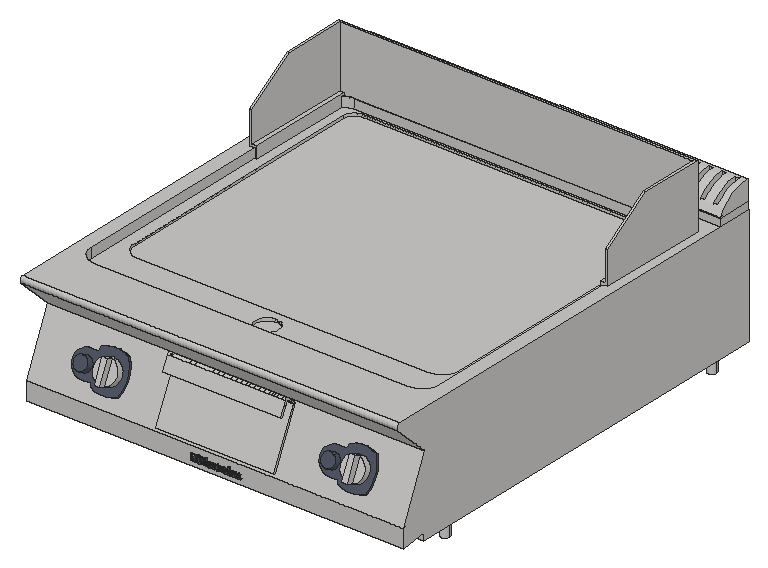
Revit family "QF_ELECTROLUXPROFESSIONAL_391591_E9IIMTAOMEI", category Attrezzature speciali, Revit 2018
Family settings
  Quota connettore circolare = Usa diametro
  Tipo di parte = Normale
  Basato su piano di lavoro = No
  Sempre verticale = Sì
  Taglio con vuoti quando caricato = No
  Condiviso = No
  Punto di calcolo locali = No
Parameters (values of type "Standard")
  Weight = 105.00 kg
  Watts = 0 W
  Volts = 0 V
  URL Manufacturer = "https://www.electroluxprofessional.com/"
  URL = "https://www.electroluxprofessional.com/"
  Steam Supply Size = 0"
  Steam Supply Minimum Pressure = 0.00 psi
  Steam Supply Maximum Pressure = 0.00 psi
  Steam Consumption per Hour = 0
  Show Logo [instance] = yes
  Show Clearance [instance] = yes
  Refrigeration Suction Line Size = 0 mm
  Refrigeration Liquid Line Size = 0 mm
  Refrigerant Compressor Remote = yes
  Phase = 0
  Modello = "E9IIMTAOMEI"
  Produttore = "Electrolux Professional"
  Length Actual = 800 mm  # constant formula
  Item Number = "391591"
  Hot Water Size = 0"
  Height Actual = 250 mm  # constant formula
  HP = "0 HP"
  Gas Size = 1/2"
  Gas KW = 20
  Gas Input Pressure = 0.672036 Btu/h
  Direct Waste Size = 0"
  Descrizione = "GAS FRY TOP SMOOTH+RIBBED SLOPED PLATE.800MM-BRUSHED CHROME - QMARK"
  Depth Actual = 930 mm  # constant formula
  Cycle = 0 Hz
  Condensate Return Size = 0"
  Compressed Air Volume = 0 GPM
  Compressed Air Size = 0"
  Compressed Air Pressure = 0.00 psi
  Cold Water Size = 0"
  Base Height [instance] = 24 mm  # constant formula
  Accessory = yes
Values of the unnamed type that differ from the named types
  Weight = 0.00 kg
  URL Manufacturer = ""
  Item Number = ""
  HP = ""
  Gas KW = 0
  Gas Input Pressure = 0.0 Btu/h
Reference planes
  plane 1 "BACK": y = 0
  plane 2: z = 0
  plane 3 "LEFT": x = 0
  plane 4 "RIGHT": x = 800
  plane 5 "FRONT": y = -930
  plane 6 "TOP": z = 410
  plane 7 "Center Y": x = 400
  plane 8 "Center X": y = -465
  plane 9 "BASE": z = 24
  plane 10: y = -790
  plane 11: y = -82
  plane 12: x = 348
  plane 13: y = -1045
  plane 14: z = 275
  plane 15: y = -664
  plane 16: y = -346.873
Forms (mm)
  Extrusion 1, solid, material "QF_Clearances", visible <- "Show Clearance", detail levels coarse
    sketch origin (0, 0, 0) x (1, 0, 0) y (0, 1, 0)
      loop
        line (0, -930) -> (0, 0) -> (800.05, 0) -> (800.05, -930) -> (900.069, -930) -> (900.069, 100.019) -> (-100.019, 100.019) -> (-100.019, -930) -> (0, -930)
    from 0 to 410
  Extrusion 2, solid, material "QF_Finishes_Stainless Steel"
    sketch origin (0, 0, 0) x (0, 1, 0) y (0, 0, 1)
      loop
        line (0, 275) -> (-923.497, 275)
        arc (-923.497, 275) -> (-929.729, 270.836) -> (-928.267, 263.485) r 6.745
        line (-928.267, 263.485) -> (-856.416, 192.634) -> (-913.772, 70.59) -> (-913.772, 32.49) -> (-859.4, 38.1) -> (-859.4, 24) -> (0, 24) -> (0, 275)
    from 0 to 800
  Extrusion 3, void
    sketch origin (0, -202.381, 275.4) x (-1, 0, 0) y (0, -1, 0)
      loop
        arc (-55.4, -88.381) -> (-37.439, -80.942) -> (-30, -62.981) r 25.4
        line (-30, -62.981) -> (-30, 578.98)
        arc (-30, 578.98) -> (-40.99, 605.513) -> (-67.523, 616.504) r 37.523
        line (-67.523, 616.504) -> (-732.477, 616.504)
        arc (-732.477, 616.504) -> (-759.01, 605.513) -> (-770, 578.98) r 37.523
        line (-770, 578.98) -> (-770, -62.981)
        arc (-770, -62.981) -> (-762.561, -80.942) -> (-744.6, -88.381) r 25.4
        line (-744.6, -88.381) -> (-55.4, -88.381)
    from 0 to -20
  Extrusion 4, solid, material "QF_Finishes_Stainless Steel"
    sketch origin (0, -200, 0) x (1, 0, 0) y (0, 1, 0)
      loop
        circle (11.112, 118) r 9.525
      loop
        circle (11.112, -590) r 9.525
      loop
        circle (788.887, 118) r 9.525
      loop
        circle (788.888, -590) r 9.525
    from 0 to 24
  Extrusion 5, solid, material "QF_Finishes_Navy Blue - Electrolux", visible <- "Show Logo"
    sketch origin (0, -913.772, 32.49) x (0, 0, 1) y (-1, 0, 0)
      loop
        line (24.036, -359.438) -> (11.67, -359.438)
        arc (11.67, -359.438) -> (17.853, -364.009) -> (24.036, -359.438) r 6.467
      loop
        arc (24.036, -358.809) -> (22.867, -353.666) -> (18.212, -351.188) r 6.338
        line (18.212, -351.188) -> (18.212, -353.234)
        arc (18.212, -353.234) -> (19.695, -356.889) -> (23.141, -358.809) r 5.941
        line (23.141, -358.809) -> (24.036, -358.809)
      loop
        arc (12.565, -358.809) -> (16.011, -356.889) -> (17.495, -353.234) r 5.941
        line (17.495, -353.234) -> (17.495, -351.188)
        arc (17.495, -351.188) -> (12.8, -353.662) -> (11.511, -358.809) r 6.504
        line (11.511, -358.809) -> (12.565, -358.809)
      loop
        line (24.711, -350.719) -> (10.967, -350.719) -> (10.967, -364.482) -> (24.711, -364.482) -> (24.711, -350.719)
      loop
        arc (24.795, -367.449) -> (24.447, -367.092) -> (24.08, -367.43) r 0.358
        arc (24.08, -367.43) -> (23.766, -368.18) -> (23.049, -368.565) r 1.216
        line (23.049, -368.565) -> (12.637, -368.565)
        arc (12.637, -368.565) -> (11.977, -368.287) -> (11.581, -367.691) r 1.238
        arc (11.581, -367.691) -> (11.186, -367.44) -> (10.88, -367.794) r 0.358
        line (10.88, -367.794) -> (10.88, -377.673) -> (13.631, -377.673) -> (13.631, -376.776)
        arc (13.631, -376.776) -> (12.722, -376.196) -> (12.267, -375.219) r 1.928
        line (12.267, -375.219) -> (12.267, -372.719)
        arc (12.267, -372.719) -> (12.542, -371.991) -> (13.231, -371.627) r 1.101
        line (13.231, -371.627) -> (17.317, -371.627) -> (17.317, -375.3)
        arc (17.317, -375.3) -> (16.965, -375.797) -> (16.399, -376.025) r 1.083
        arc (16.399, -376.025) -> (16.136, -376.331) -> (16.428, -376.609) r 0.292
        line (16.428, -376.609) -> (19.39, -376.609)
        arc (19.39, -376.609) -> (19.693, -376.336) -> (19.454, -376.006) r 0.305
        arc (19.454, -376.006) -> (18.964, -375.758) -> (18.659, -375.3) r 1.083
        line (18.659, -375.3) -> (18.659, -371.627) -> (23.336, -371.627) -> (23.336, -375.374)
        arc (23.336, -375.374) -> (23.122, -376.13) -> (22.515, -376.628) r 1.314
        arc (22.515, -376.628) -> (22.296, -377.032) -> (22.651, -377.324) r 0.361
        line (22.651, -377.324) -> (24.795, -377.324) -> (24.795, -367.449)
      loop
        arc (24.078, -378.105) -> (23.697, -379.023) -> (22.779, -379.404) r 1.299
        line (22.779, -379.404) -> (13.2, -379.404)
        arc (13.2, -379.404) -> (12.362, -379.026) -> (12.09, -378.148) r 1.118
        line (12.09, -378.148) -> (10.88, -378.148) -> (10.88, -383.498) -> (12.069, -383.498)
        arc (12.069, -383.498) -> (12.34, -382.581) -> (13.21, -382.185) r 1.153
        line (13.21, -382.185) -> (25.283, -382.185) -> (24.078, -378.105)
      loop
        line (15.845, -386.134) -> (15.845, -392.581) -> (16.644, -392.581)
        arc (16.644, -392.581) -> (19.225, -391.597) -> (20.493, -389.143) r 3.874
        line (20.493, -389.143) -> (20.493, -387.383)
        arc (20.493, -387.383) -> (19.307, -384.518) -> (16.442, -383.332) r 4.051
        line (16.442, -383.332) -> (14.434, -383.332)
        arc (14.434, -383.332) -> (11.616, -384.816) -> (10.564, -387.824) r 4.352
        arc (10.564, -387.824) -> (10.928, -390.287) -> (12.306, -392.361) r 5.713
        line (12.306, -392.361) -> (13.255, -392.361)
        arc (13.255, -392.361) -> (12.522, -390.792) -> (12.306, -389.074) r 5.579
        arc (12.306, -389.074) -> (13.1, -387.111) -> (14.979, -386.134) r 3.057
        line (14.979, -386.134) -> (15.845, -386.134)
      loop
        line (17.104, -386.134) -> (17.104, -389.716)
        arc (17.104, -389.716) -> (18.561, -389.763) -> (19.444, -388.604) r 1.59
        line (19.444, -388.604) -> (19.444, -387.774)
        arc (19.444, -387.774) -> (18.58, -386.519) -> (17.104, -386.134) r 2.184
      loop
        arc (19.895, -401.999) -> (20.384, -400.325) -> (20.542, -398.588) r 9.023
        line (20.542, -398.588) -> (20.542, -397.225)
        arc (20.542, -397.225) -> (19.382, -394.426) -> (16.583, -393.266) r 3.959
        line (16.583, -393.266) -> (13.982, -393.266)
        arc (13.982, -393.266) -> (11.701, -394.559) -> (10.583, -396.932) r 4.331
        line (10.583, -396.932) -> (10.583, -399.067)
        arc (10.583, -399.067) -> (11.092, -400.617) -> (12.013, -401.963) r 5.772
        arc (12.013, -401.963) -> (12.775, -402.014) -> (12.861, -401.255) r 0.553
        arc (12.861, -401.255) -> (12.474, -400.521) -> (12.34, -399.702) r 2.573
        line (12.34, -399.702) -> (12.34, -398.187)
        arc (12.34, -398.187) -> (13.346, -396.545) -> (15.16, -395.903) r 2.884
        line (15.16, -395.903) -> (16.439, -395.903)
        arc (16.439, -395.903) -> (18.26, -396.463) -> (19.187, -398.128) r 2.554
        line (19.187, -398.128) -> (19.187, -399.181)
        arc (19.187, -399.181) -> (18.855, -400.109) -> (18.198, -400.844) r 2.564
        arc (18.198, -400.844) -> (17.977, -401.561) -> (18.586, -401.999) r 0.643
        line (18.586, -401.999) -> (19.895, -401.999)
      loop
        line (18.877, -402.269) -> (18.877, -403.77) -> (12.829, -403.77)
        arc (12.829, -403.77) -> (11.241, -404.428) -> (10.583, -406.016) r 2.246
        line (10.583, -406.016) -> (10.583, -407.6)
        arc (10.583, -407.6) -> (10.897, -408.464) -> (11.398, -409.236) r 4.06
        arc (11.398, -409.236) -> (12.13, -409.369) -> (12.382, -408.668) r 0.576
        arc (12.382, -408.668) -> (12.276, -408.142) -> (12.34, -407.61) r 1.69
        arc (12.34, -407.61) -> (12.881, -406.822) -> (13.788, -406.519) r 1.506
        line (13.788, -406.519) -> (18.926, -406.519) -> (18.926, -408.916) -> (19.482, -409.472) -> (20.304, -409.472) -> (20.304, -406.612) -> (23.535, -406.612) -> (18.877, -402.269)
      loop
        line (10.801, -410.37) -> (10.801, -415.757) -> (11.911, -415.757)
        arc (11.911, -415.757) -> (12.305, -414.806) -> (13.256, -414.412) r 1.345
        line (13.256, -414.412) -> (16.872, -414.412)
        arc (16.872, -414.412) -> (17.637, -415.003) -> (17.926, -415.926) r 1.615
        line (17.926, -415.926) -> (17.926, -417.482) -> (20.482, -418.167) -> (20.482, -416.784) -> (18.539, -414.225) -> (20.42, -414.225) -> (20.135, -411.519)
        arc (20.135, -411.519) -> (19.696, -410.989) -> (19.037, -411.19) r 0.621
        arc (19.037, -411.19) -> (18.636, -411.532) -> (18.142, -411.715) r 1.501
        line (18.142, -411.715) -> (13.256, -411.715)
        arc (13.256, -411.715) -> (12.305, -411.321) -> (11.911, -410.37) r 1.345
        line (11.911, -410.37) -> (10.801, -410.37)
      loop
        line (16.903, -417.704) -> (14.21, -417.704)
        arc (14.21, -417.704) -> (11.765, -419.012) -> (10.631, -421.542) r 4.288
        arc (10.631, -421.542) -> (10.568, -422.923) -> (10.631, -424.303) r 15.022
        arc (10.631, -424.303) -> (11.765, -426.833) -> (14.21, -428.141) r 4.288
        line (14.21, -428.141) -> (16.903, -428.141)
        arc (16.903, -428.141) -> (19.348, -426.833) -> (20.482, -424.303) r 4.288
        arc (20.482, -424.303) -> (20.546, -422.923) -> (20.482, -421.542) r 15.022
        arc (20.482, -421.542) -> (19.348, -419.012) -> (16.903, -417.704) r 4.288
      loop
        line (17.107, -420.818) -> (14.006, -420.818)
        arc (14.006, -420.818) -> (11.849, -422.975) -> (14.006, -425.132) r 2.157
        line (14.006, -425.132) -> (17.107, -425.132)
        arc (17.107, -425.132) -> (19.264, -422.975) -> (17.107, -420.818) r 2.157
      loop
        arc (24.088, -427.999) -> (23.718, -428.893) -> (22.824, -429.264) r 1.264
        line (22.824, -429.264) -> (12.959, -429.264)
        arc (12.959, -429.264) -> (12.089, -428.867) -> (11.818, -427.951) r 1.153
        line (11.818, -427.951) -> (10.88, -427.951) -> (10.88, -433.059) -> (11.809, -433.059)
        arc (11.809, -433.059) -> (12.168, -432.287) -> (12.959, -431.972) r 1.153
        line (12.959, -431.972) -> (25.283, -431.972) -> (24.088, -427.999)
      loop
        arc (19.208, -432.596) -> (19.009, -433.661) -> (18.04, -434.143) r 1.215
        line (18.04, -434.143) -> (13.02, -434.143)
        arc (13.02, -434.143) -> (11.406, -434.79) -> (10.685, -436.373) r 2.338
        line (10.685, -436.373) -> (10.685, -437.888)
        arc (10.685, -437.888) -> (10.859, -438.892) -> (11.362, -439.778) r 2.979
        line (11.362, -439.778) -> (10.88, -441.574) -> (10.88, -443.263) -> (20.306, -443.263) -> (20.012, -439.06) -> (19.225, -439.06)
        arc (19.225, -439.06) -> (18.87, -439.896) -> (18.117, -440.405) r 1.605
        line (18.117, -440.405) -> (13.015, -440.405)
        arc (13.015, -440.405) -> (12.594, -439.468) -> (12.522, -438.444) r 2.94
        arc (12.522, -438.444) -> (13.082, -437.343) -> (14.236, -436.9) r 1.724
        line (14.236, -436.9) -> (20.432, -436.9) -> (19.208, -432.596)
      loop
        line (20.237, -444.117) -> (18.564, -446.163) -> (15.391, -448.469) -> (11.934, -445.357)
        arc (11.934, -445.357) -> (11.697, -444.963) -> (11.719, -444.504) r 0.789
        line (11.719, -444.504) -> (10.88, -444.504) -> (10.88, -448.049) -> (11.707, -448.049)
        arc (11.707, -448.049) -> (12.049, -447.687) -> (12.539, -447.779) r 0.52
        line (12.539, -447.779) -> (14.339, -449.25) -> (12.22, -450.625)
        arc (12.22, -450.625) -> (11.819, -450.315) -> (11.733, -449.816) r 0.7
        line (11.733, -449.816) -> (10.88, -449.816) -> (10.88, -455.743) -> (11.767, -455.743)
        arc (11.767, -455.743) -> (11.834, -455.084) -> (12.229, -454.552) r 1.247
        line (12.229, -454.552) -> (16.428, -451.271) -> (18.876, -453.325) -> (20.237, -455.067) -> (20.237, -451.343) -> (18.752, -451.766) -> (17.23, -450.489) -> (18.93, -449.299) -> (20.237, -450.075) -> (20.237, -444.117)
    from 0 to 1.644
  Extrusion 6, solid, material "QF_Finishes_Stainless Steel"
    sketch origin (400, 175.397, 1219.2) x (0, 1, 0) y (0, 0, 1)
      loop
        line (-1034.547, -1030.322) -> (-1050.635, -1014.234)
        arc (-1050.635, -1014.234) -> (-1055.102, -1012.832) -> (-1058.806, -1015.696) r 5.058
        line (-1058.806, -1015.696) -> (-1071.468, -1043.206) -> (-1068.584, -1044.534) -> (-1055.922, -1017.024)
        arc (-1055.922, -1017.024) -> (-1054.543, -1015.957) -> (-1052.88, -1016.479) r 1.883
        line (-1052.88, -1016.479) -> (-1038.037, -1031.322) -> (-1088.871, -1141.767) -> (-1086.511, -1142.854) -> (-1034.547, -1030.322)
    from -125 to 125
  Extrusion 7, solid, material "QF_Door-Drawer Clearances", visible <- "Show Clearance", detail levels coarse
    sketch origin (0, -301.6, 0) x (0, 1, 0) y (0, 0, 1)
      loop
        line (-576.323, 206.368) -> (-709.631, 206.368)
        arc (-709.631, 206.368) -> (-711.835, 205.39) -> (-713.335, 203.504) r 5.058
        line (-713.335, 203.504) -> (-725.997, 175.994) -> (-723.113, 174.666) -> (-710.451, 202.176)
        arc (-710.451, 202.176) -> (-709.072, 203.243) -> (-707.409, 202.721) r 1.883
        line (-707.409, 202.721) -> (-692.566, 187.878) -> (-743.4, 77.433) -> (-740.516, 76.105) -> (-609.625, 76.105) -> (-557.55, 188.878) -> (-573.638, 204.966)
        arc (-573.638, 204.966) -> (-574.873, 205.873) -> (-576.323, 206.368) r 5.058
    from 275 to 525
  Extrusion 8, solid, material "QF_Finishes_Stainless Steel"
    sketch origin (0, 0, 24) x (-1, 0, 0) y (0, 1, 0)
      loop
        circle (-748, -664) r 6.4
    from 0 to 18
  Extrusion 9, solid, material "QF_Finishes_Stainless Steel"
    sketch origin (0, 0, 0) x (0, -1, 0) y (0, 0, 1)
      loop
        line (74.012, 275) -> (74.012, 290) -> (0, 290) -> (0, 275) -> (74.012, 275)
    from 0 to -400.05
  Extrusion 10, solid, material "QF_Finishes_Stainless Steel"
    sketch origin (0, 0, 0) x (0, 1, 0) y (0, 0, 1)
      loop
        line (0, 290) -> (0, 332.913)
        arc (0, 332.913) -> (-42.275, 322.697) -> (-74.012, 292.959) r 85.267
        line (-74.012, 292.959) -> (-74.012, 290) -> (0, 290)
    from 0 to 400
  Extrusion 11, void
    sketch origin (0, 0, 273.238) x (-1, 0, 0) y (0, -1, 0)
      loop
        line (-13.453, 6.761) -> (-13.453, 62.911) -> (-22.749, 62.911) -> (-22.749, 6.761) -> (-13.453, 6.761)
    from 25.4 to 63.5
  Extrusion 12, void
    sketch origin (400.05, 0, 273.238) x (1, 0, 0) y (0, 1, 0)
      loop
        line (-13.503, -6.761) -> (-22.799, -6.761) -> (-22.799, -62.911) -> (-13.503, -62.911) -> (-13.503, -6.761)
    from 25.4 to 63.5
  Extrusion 13, void
    sketch origin (27.988, 0, 273.238) x (-1, 0, 0) y (0, -1, 0)
      loop
        line (-13.453, 6.761) -> (-13.453, 62.911) -> (-22.749, 62.911) -> (-22.749, 6.761) -> (-13.453, 6.761)
    from 25.4 to 63.5
  Extrusion 14, void
    sketch origin (55.977, 0, 273.238) x (-1, 0, 0) y (0, -1, 0)
      loop
        line (-13.453, 6.761) -> (-13.453, 62.911) -> (-22.749, 62.911) -> (-22.749, 6.761) -> (-13.453, 6.761)
    from 25.4 to 63.5
  Extrusion 15, void
    sketch origin (83.965, 0, 273.238) x (-1, 0, 0) y (0, -1, 0)
      loop
        line (-13.428, 6.761) -> (-13.428, 62.911) -> (-22.724, 62.911) -> (-22.724, 6.761) -> (-13.428, 6.761)
    from 25.4 to 63.5
  Extrusion 16, void
    sketch origin (111.953, 0, 273.238) x (-1, 0, 0) y (0, -1, 0)
      loop
        line (-13.428, 6.761) -> (-13.428, 62.911) -> (-22.724, 62.911) -> (-22.724, 6.761) -> (-13.428, 6.761)
    from 25.4 to 63.5
  Extrusion 17, void
    sketch origin (139.942, 0, 273.238) x (-1, 0, 0) y (0, -1, 0)
      loop
        line (-13.428, 6.761) -> (-13.428, 62.911) -> (-22.724, 62.911) -> (-22.724, 6.761) -> (-13.428, 6.761)
    from 25.4 to 63.5
  Extrusion 18, void
    sketch origin (167.93, 0, 273.238) x (-1, 0, 0) y (0, -1, 0)
      loop
        line (-13.428, 6.761) -> (-13.428, 62.911) -> (-22.724, 62.911) -> (-22.724, 6.761) -> (-13.428, 6.761)
    from 25.4 to 63.5
  Extrusion 19, void
    sketch origin (307.872, 0, 273.238) x (-1, 0, 0) y (0, -1, 0)
      loop
        line (-13.403, 6.761) -> (-13.403, 62.911) -> (-22.699, 62.911) -> (-22.699, 6.761) -> (-13.403, 6.761)
    from 25.4 to 63.5
  Extrusion 20, void
    sketch origin (335.86, 0, 273.238) x (-1, 0, 0) y (0, -1, 0)
      loop
        line (-13.403, 6.761) -> (-13.403, 62.911) -> (-22.699, 62.911) -> (-22.699, 6.761) -> (-13.403, 6.761)
    from 25.4 to 63.5
  Extrusion 21, void
    sketch origin (228.013, 0, 273.238) x (-1, 0, 0) y (0, -1, 0)
      loop
        line (-13.428, 6.761) -> (-13.428, 62.911) -> (-22.724, 62.911) -> (-22.724, 6.761) -> (-13.428, 6.761)
    from 25.4 to 63.5
  Extrusion 22, void
    sketch origin (256.002, 0, 273.238) x (-1, 0, 0) y (0, -1, 0)
      loop
        line (-13.428, 6.761) -> (-13.428, 62.911) -> (-22.724, 62.911) -> (-22.724, 6.761) -> (-13.428, 6.761)
    from 25.4 to 63.5
  Extrusion 23, void
    sketch origin (283.99, 0, 273.238) x (-1, 0, 0) y (0, -1, 0)
      loop
        line (-13.403, 6.761) -> (-13.403, 62.911) -> (-22.699, 62.911) -> (-22.699, 6.761) -> (-13.403, 6.761)
    from 25.4 to 63.5
  Extrusion 24, void
    sketch origin (200.025, 0, 273.238) x (-1, 0, 0) y (0, -1, 0)
      loop
        line (-13.428, 6.761) -> (-13.428, 62.911) -> (-22.724, 62.911) -> (-22.724, 6.761) -> (-13.428, 6.761)
    from 25.4 to 63.5
  Extrusion 25, void
    sketch origin (0, -202.381, 255.4) x (0, -1, 0) y (-1, 0, 0)
      loop
        arc (-57.619, -55) -> (-75.579, -62.439) -> (-83.019, -80.4) r 25.4
        line (-83.019, -80.4) -> (-83.019, -719.6)
        arc (-83.019, -719.6) -> (-75.579, -737.561) -> (-57.619, -745) r 25.4
        line (-57.619, -745) -> (493.98, -745)
        arc (493.98, -745) -> (520.513, -734.01) -> (531.504, -707.477) r 37.523
        line (531.504, -707.477) -> (531.504, -92.523)
        arc (531.504, -92.523) -> (520.513, -65.99) -> (493.98, -55) r 37.523
        line (493.98, -55) -> (-57.619, -55)
      loop
        circle (572.619, -400) r 25
    from 0 to 5
  Extrusion 26, void
    sketch origin (785, 0, 275) x (0, 0, -1) y (0, -1, 0)
      loop
        line (-70, 346.873) -> (-135, 346.873) -> (-135, 246.781) -> (-70, 346.873)
    from 0 to 12.7
  Extrusion 27, void
    sketch origin (25, 0, 292.959) x (0, 0, -1) y (0, -1, 0)
      loop
        line (-52.041, 346.873) -> (-117.041, 346.873) -> (-117.041, 246.781) -> (-52.041, 346.873)
    from 0 to 12.7
  Extrusion 28, solid, material "QF_Finishes_Stainless Steel"
    sketch origin (0, -110, 275) x (0, 0, -1) y (-1, 0, 0)
      loop
        line (-135, -20) -> (-135, -780) -> (0, -780) -> (0, -20) -> (-135, -20)
    from 0 to -5
  Extrusion 29, solid, material "QF_Finishes_Stainless Steel"
    sketch origin (800, 0, 0) x (0, -1, 0) y (0, 0, -1)
      loop
        line (74.012, -275) -> (0, -275) -> (0, -290) -> (74.012, -290) -> (74.012, -275)
    from 0 to -400.05
  Extrusion 30, solid, material "QF_Finishes_Stainless Steel"
    sketch origin (800, 0, 0) x (0, 1, 0) y (0, 0, -1)
      loop
        line (0, -290) -> (-74.012, -290) -> (-74.012, -292.959)
        arc (-74.012, -292.959) -> (-42.486, -323.301) -> (0, -333.762) r 84.334
        line (0, -333.762) -> (0, -290)
    from 0 to 400
  Extrusion 31, void
    sketch origin (800, 0, 273.238) x (1, 0, 0) y (0, 1, 0)
      loop
        line (-13.453, -6.761) -> (-22.749, -6.761) -> (-22.749, -62.911) -> (-13.453, -62.911) -> (-13.453, -6.761)
    from 25.4 to 63.5
  Extrusion 32, void
    sketch origin (399.95, 0, 273.238) x (-1, 0, 0) y (0, -1, 0)
      loop
        line (-13.503, 6.761) -> (-13.503, 62.911) -> (-22.799, 62.911) -> (-22.799, 6.761) -> (-13.503, 6.761)
    from 25.4 to 63.5
  Extrusion 33, void
    sketch origin (772.012, 0, 273.238) x (1, 0, 0) y (0, 1, 0)
      loop
        line (-13.453, -6.761) -> (-22.749, -6.761) -> (-22.749, -62.911) -> (-13.453, -62.911) -> (-13.453, -6.761)
    from 25.4 to 63.5
  Extrusion 34, void
    sketch origin (744.023, 0, 273.238) x (1, 0, 0) y (0, 1, 0)
      loop
        line (-13.453, -6.761) -> (-22.749, -6.761) -> (-22.749, -62.911) -> (-13.453, -62.911) -> (-13.453, -6.761)
    from 25.4 to 63.5
  Extrusion 35, void
    sketch origin (716.035, 0, 273.238) x (1, 0, 0) y (0, 1, 0)
      loop
        line (-13.428, -6.761) -> (-22.724, -6.761) -> (-22.724, -62.911) -> (-13.428, -62.911) -> (-13.428, -6.761)
    from 25.4 to 63.5
  Extrusion 36, void
    sketch origin (688.047, 0, 273.238) x (1, 0, 0) y (0, 1, 0)
      loop
        line (-13.428, -6.761) -> (-22.724, -6.761) -> (-22.724, -62.911) -> (-13.428, -62.911) -> (-13.428, -6.761)
    from 25.4 to 63.5
  Extrusion 37, void
    sketch origin (660.058, 0, 273.238) x (1, 0, 0) y (0, 1, 0)
      loop
        line (-13.428, -6.761) -> (-22.724, -6.761) -> (-22.724, -62.911) -> (-13.428, -62.911) -> (-13.428, -6.761)
    from 25.4 to 63.5
  Extrusion 38, void
    sketch origin (632.07, 0, 273.238) x (1, 0, 0) y (0, 1, 0)
      loop
        line (-13.428, -6.761) -> (-22.724, -6.761) -> (-22.724, -62.911) -> (-13.428, -62.911) -> (-13.428, -6.761)
    from 25.4 to 63.5
  Extrusion 39, void
    sketch origin (492.128, 0, 273.238) x (1, 0, 0) y (0, 1, 0)
      loop
        line (-13.403, -6.761) -> (-22.699, -6.761) -> (-22.699, -62.911) -> (-13.403, -62.911) -> (-13.403, -6.761)
    from 25.4 to 63.5
  Extrusion 40, void
    sketch origin (464.14, 0, 273.238) x (1, 0, 0) y (0, 1, 0)
      loop
        line (-13.403, -6.761) -> (-22.699, -6.761) -> (-22.699, -62.911) -> (-13.403, -62.911) -> (-13.403, -6.761)
    from 25.4 to 63.5
  Extrusion 41, void
    sketch origin (571.987, 0, 273.238) x (1, 0, 0) y (0, 1, 0)
      loop
        line (-13.428, -6.761) -> (-22.724, -6.761) -> (-22.724, -62.911) -> (-13.428, -62.911) -> (-13.428, -6.761)
    from 25.4 to 63.5
  Extrusion 42, void
    sketch origin (543.998, 0, 273.238) x (1, 0, 0) y (0, 1, 0)
      loop
        line (-13.428, -6.761) -> (-22.724, -6.761) -> (-22.724, -62.911) -> (-13.428, -62.911) -> (-13.428, -6.761)
    from 25.4 to 63.5
  Extrusion 43, void
    sketch origin (516.01, 0, 273.238) x (1, 0, 0) y (0, 1, 0)
      loop
        line (-13.403, -6.761) -> (-22.699, -6.761) -> (-22.699, -62.911) -> (-13.403, -62.911) -> (-13.403, -6.761)
    from 25.4 to 63.5
  Extrusion 44, void
    sketch origin (599.975, 0, 273.238) x (1, 0, 0) y (0, 1, 0)
      loop
        line (-13.428, -6.761) -> (-22.724, -6.761) -> (-22.724, -62.911) -> (-13.428, -62.911) -> (-13.428, -6.761)
    from 25.4 to 63.5
  Extrusion 45, solid, material "QF_Finishes_Navy Blue - Electrolux"
    sketch origin (520.456, -913.772, 69.19) x (0, 0.419232, 0.907879) y (-1, 0, 0)
      loop
        arc (102.26, -132.62) -> (97.637, -130.762) -> (92.92, -129.161) r 90.355
        arc (92.92, -129.161) -> (93.04, -117.639) -> (92.027, -106.161) r 117.12
        arc (92.027, -106.161) -> (66.337, -82.611) -> (38.409, -103.459) r 27.322
        arc (38.409, -103.459) -> (36.611, -116.6) -> (37.509, -129.833) r 65.199
        arc (37.509, -129.833) -> (34.4, -130.94) -> (31.333, -132.16) r 90.355
        arc (31.333, -132.16) -> (24.504, -161.269) -> (31.333, -190.378) r 65.456
        arc (31.333, -190.378) -> (66.877, -199.452) -> (102.26, -189.765) r 71.728
        arc (102.26, -189.765) -> (108.852, -161.193) -> (102.26, -132.62) r 65.22
      loop
        arc (102.26, 392.38) -> (97.637, 394.238) -> (92.92, 395.839) r 90.355
        arc (92.92, 395.839) -> (93.04, 407.361) -> (92.027, 418.839) r 117.12
        arc (92.027, 418.839) -> (66.337, 442.389) -> (38.409, 421.541) r 27.322
        arc (38.409, 421.541) -> (36.611, 408.4) -> (37.509, 395.167) r 65.199
        arc (37.509, 395.167) -> (34.4, 394.06) -> (31.333, 392.84) r 90.355
        arc (31.333, 392.84) -> (24.504, 363.731) -> (31.333, 334.622) r 65.456
        arc (31.333, 334.622) -> (66.877, 325.548) -> (102.26, 335.235) r 71.728
        arc (102.26, 335.235) -> (108.852, 363.807) -> (102.26, 392.38) r 65.22
    from 0 to 3.175
  Extrusion 46, solid, material "QF_Finishes_Stainless Steel"
    sketch origin (520.456, -917.486, 68.721) x (0, 0.419232, 0.907879) y (-1, 0, 0)
      loop
        circle (68.826, -160.963) r 25.4
      loop
        circle (68.826, 364.037) r 25.4
    from 0 to 12.7
  Extrusion 47, solid, material "QF_Finishes_Stainless Steel"
    sketch origin (520.456, -929.016, 74.045) x (0, 0.419232, 0.907879) y (-1, 0, 0)
      loop
        arc (93.558, -166.749) -> (94.226, -160.963) -> (93.558, -155.177) r 25.4
        line (93.558, -155.177) -> (44.094, -155.177)
        arc (44.094, -155.177) -> (43.426, -160.963) -> (44.094, -166.749) r 25.4
        line (44.094, -166.749) -> (93.558, -166.749)
      loop
        arc (93.558, 358.251) -> (94.226, 364.037) -> (93.558, 369.823) r 25.4
        line (93.558, 369.823) -> (44.094, 369.823)
        arc (44.094, 369.823) -> (43.426, 364.037) -> (44.094, 358.251) r 25.4
        line (44.094, 358.251) -> (93.558, 358.251)
    from 0 to 12.7
  Extrusion 48, solid, material "QF_Finishes_Navy Blue - Electrolux"
    sketch origin (520.456, -916.655, 70.521) x (0, 0.419232, 0.907879) y (-1, 0, 0)
      loop
        circle (65.09, -109.237) r 15
      loop
        circle (65.09, 415.763) r 15
    from 0 to 12.7
  Extrusion 49, solid, material "QF_Finishes_Stainless Steel"
    sketch origin (0, 0, 275) x (0, 0, -1) y (-1, 0, 0)
      loop
        line (19.6, -30) -> (0, -30) -> (0, -20) -> (-135, -20) -> (-135, -25) -> (-5, -25) -> (-5, -35) -> (19.6, -35) -> (19.6, -30)
      loop
        line (19.6, -770) -> (19.6, -765) -> (-5, -765) -> (-5, -775) -> (-135, -775) -> (-135, -780) -> (0, -780) -> (0, -770) -> (19.6, -770)
    from -110 to -346.873
Cuts and joins
  Extrusion 3, Extrusion 25 cuts Extrusion 2
  Extrusion 3 cuts Extrusion 28
  Extrusion 26, Extrusion 27 cuts Extrusion 49
  joined: Extrusion 2, Extrusion 28, Extrusion 49
  Extrusion 11, Extrusion 12, Extrusion 13, Extrusion 14, Extrusion 15, Extrusion 16, Extrusion 17, Extrusion 18, Extrusion 19, Extrusion 20, Extrusion 21, Extrusion 22, Extrusion 23, Extrusion 24, Extrusion 31, Extrusion 32, Extrusion 33, Extrusion 34, Extrusion 35, Extrusion 36, Extrusion 37, Extrusion 38, Extrusion 39, Extrusion 40, Extrusion 41, Extrusion 42, Extrusion 43, Extrusion 44 cuts Extrusion 10
  Extrusion 31, Extrusion 32, Extrusion 33, Extrusion 34, Extrusion 35, Extrusion 36, Extrusion 37, Extrusion 38, Extrusion 39, Extrusion 40, Extrusion 41, Extrusion 42, Extrusion 43, Extrusion 44 cuts Extrusion 30
Lines and regions (mm)
  Split face 1
    outline origin (520.456, -928.185, 75.846) x (0, 0.419232, 0.907879) y (-1, 0, 0)
      loop
        line (78.679, -108.296) -> (67.103, -108.296) -> (67.103, -110.296) -> (78.679, -110.296) -> (78.679, -108.296)
  Split face 2
    outline origin (520.456, -928.185, 75.846) x (0, 0.419232, 0.907879) y (-1, 0, 0)
      loop
        line (78.679, 414.704) -> (78.679, 416.704) -> (67.103, 416.704) -> (67.103, 414.704) -> (78.679, 414.704)
  symbolic lines, style "QF_Clearances", visible <- "Show Clearance", detail levels coarse
    curve 1: line (-100.019, 100.019, 276.225) -> (-100.019, -930, 276.225)
    curve 2: line (900.069, 100.019, 276.225) -> (-100.019, 100.019, 276.225)
    curve 3: line (900.069, -930, 276.225) -> (900.069, 100.019, 276.225)
  symbolic lines
    curve 4: line (0, -74.012, 276.225) -> (800.05, -74.012, 276.225)
    curve 5: line (0, -930.25, 276.225) -> (0, 0, 276.225)
    curve 6: line (800.05, 0, 276.225) -> (800.05, -930.25, 276.225)
    curve 7: line (30, -346.873, 276.225) -> (30, -781.362, 276.225)
    curve 8: arc (30, -781.362, 276.225) -> (40.99, -807.895, 276.225) -> (67.523, -818.885, 276.225) r 37.523
    curve 9: arc (732.477, -818.885, 276.225) -> (759.01, -807.895, 276.225) -> (770, -781.362, 276.225) r 37.523
    curve 10: line (770, -781.362, 276.225) -> (770, -346.873, 276.225)
    curve 11: line (800.05, -930.25, 276.225) -> (0, -930.25, 276.225)
    curve 12: line (67.523, -818.885, 276.225) -> (732.477, -818.885, 276.225)
    curve 16: line (0, 0, 276.225) -> (800.05, 0, 276.225)
    curve 17: line (22.749, -6.761, 276.225) -> (22.749, -62.911, 276.225)
    curve 18: line (22.749, -62.911, 276.225) -> (13.453, -62.911, 276.225)
    curve 19: line (13.453, -62.911, 276.225) -> (13.453, -6.761, 276.225)
    curve 20: line (13.453, -6.761, 276.225) -> (22.749, -6.761, 276.225)
    curve 21: line (50.737, -6.761, 276.225) -> (50.737, -62.911, 276.225)
    curve 22: line (50.737, -62.911, 276.225) -> (41.441, -62.911, 276.225)
    curve 23: line (41.441, -62.911, 276.225) -> (41.441, -6.761, 276.225)
    curve 24: line (41.441, -6.761, 276.225) -> (50.737, -6.761, 276.225)
    curve 25: line (78.725, -6.761, 276.225) -> (78.725, -62.911, 276.225)
    curve 26: line (78.725, -62.911, 276.225) -> (69.43, -62.911, 276.225)
    curve 27: line (69.43, -62.911, 276.225) -> (69.43, -6.761, 276.225)
    curve 28: line (69.43, -6.761, 276.225) -> (78.725, -6.761, 276.225)
    curve 29: line (106.689, -6.761, 276.225) -> (106.689, -62.911, 276.225)
    curve 30: line (106.689, -62.911, 276.225) -> (97.393, -62.911, 276.225)
    curve 31: line (97.393, -62.911, 276.225) -> (97.393, -6.761, 276.225)
    curve 32: line (97.393, -6.761, 276.225) -> (106.689, -6.761, 276.225)
    curve 33: line (134.677, -6.761, 276.225) -> (134.677, -62.911, 276.225)
    curve 34: line (134.677, -62.911, 276.225) -> (125.381, -62.911, 276.225)
    curve 35: line (125.381, -62.911, 276.225) -> (125.381, -6.761, 276.225)
    curve 36: line (125.381, -6.761, 276.225) -> (134.677, -6.761, 276.225)
    curve 37: line (162.665, -6.761, 276.225) -> (162.665, -62.911, 276.225)
    curve 38: line (162.665, -62.911, 276.225) -> (153.37, -62.911, 276.225)
    curve 39: line (153.37, -62.911, 276.225) -> (153.37, -6.761, 276.225)
    curve 40: line (153.37, -6.761, 276.225) -> (162.665, -6.761, 276.225)
    curve 41: line (190.654, -6.761, 276.225) -> (190.654, -62.911, 276.225)
    curve 42: line (190.654, -62.911, 276.225) -> (181.358, -62.911, 276.225)
    curve 43: line (181.358, -62.911, 276.225) -> (181.358, -6.761, 276.225)
    curve 44: line (181.358, -6.761, 276.225) -> (190.654, -6.761, 276.225)
    curve 45: line (222.749, -6.761, 276.225) -> (222.749, -62.911, 276.225)
    curve 46: line (222.749, -62.911, 276.225) -> (213.453, -62.911, 276.225)
    curve 47: line (213.453, -62.911, 276.225) -> (213.453, -6.761, 276.225)
    curve 48: line (213.453, -6.761, 276.225) -> (222.749, -6.761, 276.225)
    curve 49: line (250.737, -6.761, 276.225) -> (250.737, -62.911, 276.225)
    curve 50: line (250.737, -62.911, 276.225) -> (241.441, -62.911, 276.225)
    curve 51: line (241.441, -62.911, 276.225) -> (241.441, -6.761, 276.225)
    curve 52: line (241.441, -6.761, 276.225) -> (250.737, -6.761, 276.225)
    curve 53: line (278.725, -6.761, 276.225) -> (278.725, -62.911, 276.225)
    curve 54: line (278.725, -62.911, 276.225) -> (269.43, -62.911, 276.225)
    curve 55: line (269.43, -62.911, 276.225) -> (269.43, -6.761, 276.225)
    curve 56: line (269.43, -6.761, 276.225) -> (278.725, -6.761, 276.225)
    curve 57: line (306.689, -6.761, 276.225) -> (306.689, -62.911, 276.225)
    curve 58: line (306.689, -62.911, 276.225) -> (297.393, -62.911, 276.225)
    curve 59: line (297.393, -62.911, 276.225) -> (297.393, -6.761, 276.225)
    curve 60: line (297.393, -6.761, 276.225) -> (306.689, -6.761, 276.225)
    curve 61: line (330.57, -6.761, 276.225) -> (330.57, -62.911, 276.225)
    curve 62: line (330.57, -62.911, 276.225) -> (321.275, -62.911, 276.225)
    curve 63: line (321.275, -62.911, 276.225) -> (321.275, -6.761, 276.225)
    curve 64: line (321.275, -6.761, 276.225) -> (330.57, -6.761, 276.225)
    curve 65: line (358.559, -6.761, 276.225) -> (358.559, -62.911, 276.225)
    curve 66: line (358.559, -62.911, 276.225) -> (349.263, -62.911, 276.225)
    curve 67: line (349.263, -62.911, 276.225) -> (349.263, -6.761, 276.225)
    curve 68: line (349.263, -6.761, 276.225) -> (358.559, -6.761, 276.225)
    curve 69: line (386.547, -6.761, 276.225) -> (386.547, -62.911, 276.225)
    curve 70: line (386.547, -62.911, 276.225) -> (377.251, -62.911, 276.225)
    curve 71: line (377.251, -62.911, 276.225) -> (377.251, -6.761, 276.225)
    curve 72: line (377.251, -6.761, 276.225) -> (386.547, -6.761, 276.225)
    curve 73: line (20, -109, 276.225) -> (20, -346.873, 276.225)
    curve 74: line (785, -109, 276.225) -> (20, -109, 276.225)
    curve 75: line (785, -346.873, 276.225) -> (785, -109, 276.225)
    curve 76: line (20, -346.873, 276.225) -> (35, -346.873, 276.225)
    curve 77: line (765, -346.873, 276.225) -> (785, -346.873, 276.225)
    curve 78: arc (55, -144.762, 276.225) -> (62.439, -126.802, 276.225) -> (80.4, -119.362, 276.225) r 25.4
    curve 79: line (80.4, -119.362, 276.225) -> (719.6, -119.362, 276.225)
    curve 80: arc (719.6, -119.362, 276.225) -> (737.561, -126.802, 276.225) -> (745, -144.762, 276.225) r 25.4
    curve 81: line (745, -144.762, 276.225) -> (745, -695.362, 276.225)
    curve 82: arc (745, -695.362, 276.225) -> (734.01, -721.895, 276.225) -> (707.477, -732.885, 276.225) r 37.523
    curve 83: line (707.477, -732.885, 276.225) -> (92.523, -732.885, 276.225)
    curve 84: arc (92.523, -732.885, 276.225) -> (65.99, -721.895, 276.225) -> (55, -695.362, 276.225) r 37.523
    curve 85: line (55, -695.362, 276.225) -> (55, -144.762, 276.225)
    curve 86: line (765, -346.873, 276.225) -> (765, -114, 276.225)
    curve 87: line (780, -114, 276.225) -> (780, -346.873, 276.225)
    curve 88: line (35, -346.873, 276.225) -> (35, -114, 276.225)
    curve 89: line (25, -346.873, 276.225) -> (25, -114, 276.225)
    curve 90: line (35, -114, 276.225) -> (780, -114, 276.225)
    curve 91: arc (765, -124.267, 276.225) -> (756.019, -116.712, 276.225) -> (744.6, -114, 276.225) r 25.4
    curve 92: arc (55.4, -114, 276.225) -> (43.981, -116.712, 276.225) -> (35, -124.267, 276.225) r 25.4
    curve 93: line (777.251, -6.761, 276.225) -> (777.251, -62.911, 276.225)
    curve 94: line (777.251, -62.911, 276.225) -> (786.547, -62.911, 276.225)
    curve 95: line (786.547, -62.911, 276.225) -> (786.547, -6.761, 276.225)
    curve 96: line (786.547, -6.761, 276.225) -> (777.251, -6.761, 276.225)
    curve 97: line (749.263, -6.761, 276.225) -> (749.263, -62.911, 276.225)
    curve 98: line (749.263, -62.911, 276.225) -> (758.559, -62.911, 276.225)
    curve 99: line (758.559, -62.911, 276.225) -> (758.559, -6.761, 276.225)
    curve 100: line (758.559, -6.761, 276.225) -> (749.263, -6.761, 276.225)
    curve 101: line (721.275, -6.761, 276.225) -> (721.275, -62.911, 276.225)
    curve 102: line (721.275, -62.911, 276.225) -> (730.57, -62.911, 276.225)
    curve 103: line (730.57, -62.911, 276.225) -> (730.57, -6.761, 276.225)
    curve 104: line (730.57, -6.761, 276.225) -> (721.275, -6.761, 276.225)
    curve 105: line (693.311, -6.761, 276.225) -> (693.311, -62.911, 276.225)
    curve 106: line (693.311, -62.911, 276.225) -> (702.607, -62.911, 276.225)
    curve 107: line (702.607, -62.911, 276.225) -> (702.607, -6.761, 276.225)
    curve 108: line (702.607, -6.761, 276.225) -> (693.311, -6.761, 276.225)
    curve 109: line (665.323, -6.761, 276.225) -> (665.323, -62.911, 276.225)
    curve 110: line (665.323, -62.911, 276.225) -> (674.619, -62.911, 276.225)
    curve 111: line (674.619, -62.911, 276.225) -> (674.619, -6.761, 276.225)
    curve 112: line (674.619, -6.761, 276.225) -> (665.323, -6.761, 276.225)
    curve 113: line (637.335, -6.761, 276.225) -> (637.335, -62.911, 276.225)
    curve 114: line (637.335, -62.911, 276.225) -> (646.63, -62.911, 276.225)
    curve 115: line (646.63, -62.911, 276.225) -> (646.63, -6.761, 276.225)
    curve 116: line (646.63, -6.761, 276.225) -> (637.335, -6.761, 276.225)
    curve 117: line (609.346, -6.761, 276.225) -> (609.346, -62.911, 276.225)
    curve 118: line (609.346, -62.911, 276.225) -> (618.642, -62.911, 276.225)
    curve 119: line (618.642, -62.911, 276.225) -> (618.642, -6.761, 276.225)
    curve 120: line (618.642, -6.761, 276.225) -> (609.346, -6.761, 276.225)
    curve 121: line (577.251, -6.761, 276.225) -> (577.251, -62.911, 276.225)
    curve 122: line (577.251, -62.911, 276.225) -> (586.547, -62.911, 276.225)
    curve 123: line (586.547, -62.911, 276.225) -> (586.547, -6.761, 276.225)
    curve 124: line (586.547, -6.761, 276.225) -> (577.251, -6.761, 276.225)
    curve 125: line (549.263, -6.761, 276.225) -> (549.263, -62.911, 276.225)
    curve 126: line (549.263, -62.911, 276.225) -> (558.559, -62.911, 276.225)
    curve 127: line (558.559, -62.911, 276.225) -> (558.559, -6.761, 276.225)
    curve 128: line (558.559, -6.761, 276.225) -> (549.263, -6.761, 276.225)
    curve 129: line (521.275, -6.761, 276.225) -> (521.275, -62.911, 276.225)
    curve 130: line (521.275, -62.911, 276.225) -> (530.57, -62.911, 276.225)
    curve 131: line (530.57, -62.911, 276.225) -> (530.57, -6.761, 276.225)
    curve 132: line (530.57, -6.761, 276.225) -> (521.275, -6.761, 276.225)
    curve 133: line (493.311, -6.761, 276.225) -> (493.311, -62.911, 276.225)
    curve 134: line (493.311, -62.911, 276.225) -> (502.607, -62.911, 276.225)
    curve 135: line (502.607, -62.911, 276.225) -> (502.607, -6.761, 276.225)
    curve 136: line (502.607, -6.761, 276.225) -> (493.311, -6.761, 276.225)
    curve 137: line (469.43, -6.761, 276.225) -> (469.43, -62.911, 276.225)
    curve 138: line (469.43, -62.911, 276.225) -> (478.725, -62.911, 276.225)
    curve 139: line (478.725, -62.911, 276.225) -> (478.725, -6.761, 276.225)
    curve 140: line (478.725, -6.761, 276.225) -> (469.43, -6.761, 276.225)
    curve 141: line (441.441, -6.761, 276.225) -> (441.441, -62.911, 276.225)
    curve 142: line (441.441, -62.911, 276.225) -> (450.737, -62.911, 276.225)
    curve 143: line (450.737, -62.911, 276.225) -> (450.737, -6.761, 276.225)
    curve 144: line (450.737, -6.761, 276.225) -> (441.441, -6.761, 276.225)
    curve 145: line (413.453, -6.761, 276.225) -> (413.453, -62.911, 276.225)
    curve 146: line (413.453, -62.911, 276.225) -> (422.749, -62.911, 276.225)
    curve 147: line (422.749, -62.911, 276.225) -> (422.749, -6.761, 276.225)
    curve 148: line (422.749, -6.761, 276.225) -> (413.453, -6.761, 276.225)
    curve 149: arc (400, -750, 276.225) -> (425, -775, 276.225) -> (400, -800, 276.225) r 25
    curve 150: arc (400, -800, 276.225) -> (375, -775, 276.225) -> (400, -750, 276.225) r 25
  symbolic lines, style "QF_Door-Drawer Clearances", visible <- "Show Clearance", detail levels coarse
    curve 13: line (275, -930.25, 276.225) -> (275, -1045, 276.225)
    curve 14: line (275, -1045, 276.225) -> (525, -1045, 276.225)
    curve 15: line (525, -1045, 276.225) -> (525, -930.25, 276.225)
Dimensions and locks
  equal spacing: plane 3 "LEFT", plane 7 "Center Y", plane 4 "RIGHT"
  plane 3 "LEFT" to plane 4 "RIGHT" = 800 mm
  equal spacing: plane 5 "FRONT", plane 8 "Center X", plane 1 "BACK"
  plane 5 "FRONT" to plane 1 "BACK" = 930 mm  (x2)
  plane 1 "BACK" to plane 5 "FRONT" = 930 mm
  "Base Height": plane 9 "BASE" to level
  plane 9 "BASE" to level = 24 mm
  plane 6 "TOP" to level = 410 mm
  plane 6 "TOP" to plane 9 "BASE" = 386 mm
  plane 13 to plane 1 "BACK" = 1045 mm
  plane 10 to plane 11 to plane 1 "BACK" = 708 mm, 82 mm
  plane 5 "FRONT" to plane 10 = 140 mm
  plane 14 to plane 9 "BASE" = 251 mm
  plane 15 to plane 1 "BACK" = 664 mm
  plane 9 "BASE" to plane 2 = 24 mm
  Extrusion 4 sketch curve to Extrusion 4 sketch curve = 708 mm
  Extrusion 8 sketch curve to plane 1 "BACK" = 664 mm
  Extrusion 8 sketch curve to plane 4 "RIGHT" = 52 mm
  plane 9 "BASE" to cut or joined group of Extrusion 30, Extrusion 31, Extrusion 32, Extrusion 33, Extrusion 34, Extrusion 35, Extrusion 36, Extrusion 37, Extrusion 38, Extrusion 39, Extrusion 40, Extrusion 41, Extrusion 42, Extrusion 43, Extrusion 44 = 266 mm
  aligned and locked: level to plane 2
Automatic sketch dimensions
  plane 5 "FRONT" to curve 3 = 0 mm
  plane 1 "BACK" to curve 16 = 0 mm
  plane 16 to curve 75 = 0 mm
  plane 13 to curve 15 = 0 mm
  plane 16 to curve 76 = 0 mm
  curve 11 to plane 3 "LEFT" = 0 mm
  plane 5 "FRONT" to curve 1 = 0 mm
  plane 3 "LEFT" to curve 13 = 275 mm
  plane 3 "LEFT" to curve 20 = 13.453 mm
  plane 3 "LEFT" to curve 74 = 20 mm
  curve 17 to curve 19 = 9.296 mm
  curve 89 to curve 73 = 5 mm
  curve 8 to plane 10 = 8.638 mm
  plane 3 "LEFT" to curve 8 = 30 mm
  curve 88 to curve 7 = 5 mm
  curve 23 to curve 17 = 18.693 mm
  curve 24 to curve 23 = 9.296 mm
  curve 78 to curve 92 = 20 mm
  curve 92 to curve 88 = 20.4 mm
  plane 10 to curve 12 = 28.885 mm
  curve 26 to curve 21 = 18.693 mm
  curve 28 to curve 27 = 9.296 mm
  curve 78 to curve 78 = 25.4 mm
  curve 84 to curve 84 = 37.523 mm
  curve 31 to curve 25 = 18.668 mm
  curve 32 to curve 31 = 9.296 mm
  plane 1 "BACK" to curve 35 = 6.761 mm
  curve 35 to curve 29 = 18.693 mm
  curve 33 to curve 35 = 9.296 mm
  curve 39 to curve 33 = 18.693 mm
  curve 40 to curve 39 = 9.296 mm
  curve 14 to curve 13 = 250 mm
  plane 1 "BACK" to curve 44 = 6.761 mm
  curve 44 to curve 37 = 18.693 mm
  curve 41 to curve 43 = 9.296 mm
  curve 46 to curve 41 = 22.799 mm
  curve 48 to curve 47 = 9.296 mm
  plane 1 "BACK" to curve 52 = 6.761 mm
  curve 52 to curve 45 = 18.693 mm
  curve 52 to curve 51 = 9.296 mm
  plane 1 "BACK" to curve 55 = 6.761 mm
  curve 55 to curve 49 = 18.693 mm
  curve 53 to curve 54 = 9.296 mm
  plane 1 "BACK" to curve 60 = 6.761 mm
  curve 60 to curve 53 = 18.668 mm
  curve 57 to curve 59 = 9.296 mm
  curve 62 to curve 57 = 14.586 mm
  curve 64 to curve 63 = 9.296 mm
  curve 66 to plane 12 = 1.263 mm
  curve 66 to curve 66 = 9.296 mm
  curve 71 to curve 65 = 18.693 mm
  curve 69 to curve 70 = 9.296 mm
  plane 7 "Center Y" to curve 145 = 13.453 mm
  curve 148 to curve 145 = 9.296 mm
  plane 1 "BACK" to curve 141 = 6.761 mm
  curve 141 to curve 147 = 18.693 mm
  curve 143 to curve 141 = 9.296 mm
  plane 1 "BACK" to curve 140 = 6.761 mm
  curve 140 to curve 143 = 18.693 mm
  curve 139 to curve 137 = 9.296 mm
  plane 1 "BACK" to curve 136 = 6.761 mm
  curve 136 to curve 139 = 14.586 mm
  curve 136 to curve 133 = 9.296 mm
  plane 1 "BACK" to curve 132 = 6.761 mm
  curve 132 to curve 135 = 18.668 mm
  curve 130 to curve 129 = 9.296 mm
  curve 126 to curve 130 = 18.693 mm
  curve 126 to curve 125 = 9.296 mm
  plane 1 "BACK" to curve 121 = 6.761 mm
  curve 121 to curve 127 = 18.693 mm
  curve 124 to curve 121 = 9.296 mm
  plane 1 "BACK" to curve 117 = 6.761 mm
  curve 117 to curve 123 = 22.799 mm
  curve 120 to curve 117 = 9.296 mm
  plane 1 "BACK" to curve 113 = 6.761 mm
  curve 113 to curve 119 = 18.693 mm
  curve 115 to curve 113 = 9.296 mm
  plane 1 "BACK" to curve 109 = 6.761 mm
  curve 109 to curve 115 = 18.693 mm
  curve 111 to curve 109 = 9.296 mm
  curve 106 to curve 110 = 18.693 mm
  curve 106 to curve 105 = 9.296 mm
  curve 83 to plane 4 "RIGHT" = 92.523 mm
  curve 79 to curve 106 = 16.993 mm
  curve 101 to curve 106 = 18.668 mm
  curve 103 to curve 101 = 9.296 mm
  curve 12 to plane 4 "RIGHT" = 67.523 mm
  curve 91 to curve 80 = 25 mm
  curve 80 to curve 91 = 0.4 mm
  plane 1 "BACK" to curve 100 = 6.761 mm
  curve 100 to curve 103 = 18.693 mm
  curve 100 to curve 97 = 9.296 mm
  curve 91 to curve 91 = 20.4 mm
  curve 9 to plane 10 = 8.638 mm
  curve 93 to curve 98 = 18.693 mm
  curve 87 to curve 10 = 10 mm
  curve 74 to curve 87 = 5 mm
  curve 94 to curve 93 = 9.296 mm
  plane 4 "RIGHT" to curve 4 = 0.05 mm
  plane 4 "RIGHT" to curve 3 = 100.069 mm
  curve 1 to plane 3 "LEFT" = 100.019 mm
  curve 1 to plane 1 "BACK" = 100.019 mm
  plane 1 "BACK" to curve 145 = 6.761 mm
  plane 1 "BACK" to curve 128 = 6.761 mm
  plane 1 "BACK" to curve 17 = 6.761 mm
  plane 1 "BACK" to curve 21 = 6.761 mm
  plane 1 "BACK" to curve 25 = 6.761 mm
  plane 1 "BACK" to curve 29 = 6.761 mm
  plane 1 "BACK" to curve 108 = 6.761 mm
  plane 1 "BACK" to curve 104 = 6.761 mm
  plane 1 "BACK" to curve 37 = 6.761 mm
  plane 1 "BACK" to curve 96 = 6.761 mm
  plane 1 "BACK" to curve 45 = 6.761 mm
  plane 1 "BACK" to curve 72 = 6.761 mm
  plane 1 "BACK" to curve 68 = 6.761 mm
  plane 1 "BACK" to curve 64 = 6.761 mm
  curve 59 to plane 11 = 19.089 mm
  curve 61 to plane 11 = 19.089 mm
  curve 55 to plane 11 = 19.089 mm
  curve 65 to plane 11 = 19.089 mm
  curve 51 to plane 11 = 19.089 mm
  curve 69 to plane 11 = 19.089 mm
  curve 47 to plane 11 = 19.089 mm
  curve 147 to plane 11 = 19.089 mm
  curve 143 to plane 11 = 19.089 mm
  curve 139 to plane 11 = 19.089 mm
  curve 135 to plane 11 = 19.089 mm
  curve 131 to plane 11 = 19.089 mm
  curve 127 to plane 11 = 19.089 mm
  curve 123 to plane 11 = 19.089 mm
  curve 17 to plane 11 = 19.089 mm
  curve 119 to plane 11 = 19.089 mm
  curve 21 to plane 11 = 19.089 mm
  curve 115 to plane 11 = 19.089 mm
  curve 25 to plane 11 = 19.089 mm
  curve 93 to plane 11 = 19.089 mm
  curve 43 to plane 11 = 19.089 mm
  curve 97 to plane 11 = 19.089 mm
  curve 39 to plane 11 = 19.089 mm
  curve 101 to plane 11 = 19.089 mm
  curve 35 to plane 11 = 19.089 mm
  curve 105 to plane 11 = 19.089 mm
  curve 25 to curve 31 = 0 mm
  curve 114 to curve 109 = 0 mm
  curve 4 to plane 11 = 7.988 mm
  plane 11 to curve 75 = 27 mm
  curve 74 to curve 90 = 5 mm
  curve 73 to curve 89 = 5 mm
  curve 91 to curve 79 = 5.362 mm
  curve 86 to curve 91 = 10.267 mm
  curve 88 to curve 92 = 10.267 mm
  curve 81 to plane 15 = 31.362 mm
  plane 5 "FRONT" to curve 11 = 0.25 mm
  plane 5 "FRONT" to Extrusion 1 sketch curve = 0 mm  (x2)
  Extrusion 1 sketch curve to plane 3 "LEFT" = 0 mm
  plane 1 "BACK" to Extrusion 1 sketch curve = 0 mm
  Extrusion 1 sketch curve to plane 3 "LEFT" = 100.019 mm
  plane 4 "RIGHT" to Extrusion 1 sketch curve = 0.05 mm
  Extrusion 1 sketch curve to Extrusion 1 sketch curve = 100.019 mm
  Extrusion 1 sketch curve to plane 1 "BACK" = 100.019 mm
  Extrusion 2 sketch curve to plane 14 = 0 mm
  Extrusion 2 sketch curve to plane 9 "BASE" = 0 mm
  Extrusion 2 sketch curve to plane 1 "BACK" = 0 mm
  plane 10 to Extrusion 2 sketch curve = 66.416 mm
  plane 9 "BASE" to Extrusion 2 sketch curve = 14.1 mm
  plane 10 to Extrusion 2 sketch curve = 69.4 mm
  Extrusion 2 sketch curve to plane 5 "FRONT" = 16.228 mm
  Extrusion 2 sketch curve to plane 5 "FRONT" = 6.503 mm
  Extrusion 2 sketch curve to plane 5 "FRONT" = 1.733 mm
  plane 9 "BASE" to Extrusion 2 sketch curve = 8.49 mm
  Extrusion 2 sketch curve to Extrusion 2 sketch curve = 38.1 mm
  Extrusion 2 sketch curve to plane 14 = 82.366 mm
  Extrusion 2 sketch curve to plane 14 = 11.515 mm
  Extrusion 3 sketch curve to plane 10 = 8.638 mm  (x2)
  Extrusion 3 sketch curve to plane 4 "RIGHT" = 30 mm
  Extrusion 3 sketch curve to Extrusion 3 sketch curve = 25.4 mm  (x2)
  Extrusion 3 sketch curve to Extrusion 3 sketch curve = 37.523 mm
  plane 3 "LEFT" to Extrusion 3 sketch curve = 67.523 mm
  plane 11 to Extrusion 3 sketch curve = 57.4 mm
  Extrusion 7 sketch curve to Extrusion 7 sketch curve = 0 mm  (x2)
  Extrusion 7 sketch curve to plane 13 = 0 mm
  Extrusion 7 sketch curve to plane 13 = 2.884 mm
  Extrusion 7 sketch curve to plane 13 = 17.403 mm
  Extrusion 7 sketch curve to Extrusion 7 sketch curve = 2.884 mm  (x2)
  Extrusion 7 sketch curve to plane 13 = 30.065 mm
  Extrusion 7 sketch curve to Extrusion 7 sketch curve = 0.82 mm
  Extrusion 7 sketch curve to Extrusion 7 sketch curve = 1.711 mm
  Extrusion 7 sketch curve to Extrusion 7 sketch curve = 1.332 mm
  Extrusion 7 sketch curve to Extrusion 7 sketch curve = 14.843 mm
  Extrusion 7 sketch curve to plane 5 "FRONT" = 18.775 mm
  Extrusion 7 sketch curve to plane 5 "FRONT" = 51.186 mm
  Extrusion 7 sketch curve to Extrusion 7 sketch curve = 0.891 mm
  Extrusion 7 sketch curve to Extrusion 7 sketch curve = 2.686 mm
  Extrusion 7 sketch curve to Extrusion 7 sketch curve = 16.087 mm
  plane 9 "BASE" to Extrusion 7 sketch curve = 52.105 mm
  Extrusion 7 sketch curve to Extrusion 7 sketch curve = 1.327 mm  (x2)
  Extrusion 7 sketch curve to Extrusion 7 sketch curve = 13.211 mm
  Extrusion 7 sketch curve to plane 14 = 86.122 mm
  Extrusion 7 sketch curve to Extrusion 7 sketch curve = 0.787 mm
  Extrusion 7 sketch curve to Extrusion 7 sketch curve = 4.979 mm
  Extrusion 9 sketch curve to Extrusion 2 = 0 mm  (x2)
  Extrusion 2 to Extrusion 9 sketch curve = 15 mm
  Extrusion 9 sketch curve to Extrusion 9 sketch curve = 74.012 mm
  Extrusion 10 sketch curve to plane 1 "BACK" = 0 mm
  plane 1 "BACK" to Extrusion 10 sketch curve = 1.769 mm
  Extrusion 10 sketch curve to plane 11 = 7.988 mm
  Extrusion 10 sketch curve to plane 14 = 27.335 mm
  plane 14 to Extrusion 10 sketch curve = 15 mm
  Extrusion 10 sketch curve to Extrusion 10 sketch curve = 2.959 mm
  plane 1 "BACK" to Extrusion 11 sketch curve = 6.761 mm
  plane 3 "LEFT" to Extrusion 11 sketch curve = 22.749 mm
  Extrusion 11 sketch curve to Extrusion 11 sketch curve = 9.296 mm
  Extrusion 11 sketch curve to plane 11 = 19.089 mm
  Extrusion 12 sketch curve to plane 1 "BACK" = 6.761 mm
  plane 7 "Center Y" to Extrusion 12 sketch curve = 22.749 mm
  Extrusion 12 sketch curve to Extrusion 12 sketch curve = 9.296 mm
  plane 11 to Extrusion 12 sketch curve = 19.089 mm
  plane 1 "BACK" to Extrusion 13 sketch curve = 6.761 mm
  plane 3 "LEFT" to Extrusion 13 sketch curve = 50.737 mm
  Extrusion 13 sketch curve to Extrusion 13 sketch curve = 9.296 mm
  Extrusion 13 sketch curve to plane 11 = 19.089 mm
  plane 1 "BACK" to Extrusion 14 sketch curve = 6.761 mm
  plane 3 "LEFT" to Extrusion 14 sketch curve = 78.725 mm
  Extrusion 14 sketch curve to Extrusion 14 sketch curve = 9.296 mm
  Extrusion 14 sketch curve to plane 11 = 19.089 mm
  plane 1 "BACK" to Extrusion 15 sketch curve = 6.761 mm
  plane 3 "LEFT" to Extrusion 15 sketch curve = 106.689 mm
  Extrusion 15 sketch curve to Extrusion 15 sketch curve = 9.296 mm
  Extrusion 15 sketch curve to plane 11 = 19.089 mm
  plane 1 "BACK" to Extrusion 16 sketch curve = 6.761 mm
  plane 3 "LEFT" to Extrusion 16 sketch curve = 134.677 mm
  Extrusion 16 sketch curve to Extrusion 16 sketch curve = 9.296 mm
  Extrusion 16 sketch curve to plane 11 = 19.089 mm
  plane 1 "BACK" to Extrusion 17 sketch curve = 6.761 mm
  plane 3 "LEFT" to Extrusion 17 sketch curve = 162.665 mm
  Extrusion 17 sketch curve to Extrusion 17 sketch curve = 9.296 mm
  Extrusion 17 sketch curve to plane 11 = 19.089 mm
  plane 1 "BACK" to Extrusion 18 sketch curve = 6.761 mm
  plane 12 to Extrusion 18 sketch curve = 157.346 mm
  Extrusion 18 sketch curve to Extrusion 18 sketch curve = 9.296 mm
  Extrusion 18 sketch curve to plane 11 = 19.089 mm
  plane 1 "BACK" to Extrusion 19 sketch curve = 6.761 mm
  plane 12 to Extrusion 19 sketch curve = 17.43 mm
  Extrusion 19 sketch curve to Extrusion 19 sketch curve = 9.296 mm
  Extrusion 19 sketch curve to plane 11 = 19.089 mm
  Extrusion 20 sketch curve to plane 12 = 10.559 mm
  Extrusion 20 sketch curve to plane 12 = 1.263 mm
  plane 1 "BACK" to Extrusion 20 sketch curve = 6.761 mm
  Extrusion 20 sketch curve to plane 11 = 19.089 mm
  plane 1 "BACK" to Extrusion 21 sketch curve = 6.761 mm
  plane 12 to Extrusion 21 sketch curve = 97.263 mm
  Extrusion 21 sketch curve to Extrusion 21 sketch curve = 9.296 mm
  Extrusion 21 sketch curve to plane 11 = 19.089 mm
  plane 1 "BACK" to Extrusion 22 sketch curve = 6.761 mm
  plane 12 to Extrusion 22 sketch curve = 69.275 mm
  Extrusion 22 sketch curve to Extrusion 22 sketch curve = 9.296 mm
  Extrusion 22 sketch curve to plane 11 = 19.089 mm
  plane 1 "BACK" to Extrusion 23 sketch curve = 6.761 mm
  plane 12 to Extrusion 23 sketch curve = 41.311 mm
  Extrusion 23 sketch curve to Extrusion 23 sketch curve = 9.296 mm
  Extrusion 23 sketch curve to plane 11 = 19.089 mm
  plane 1 "BACK" to Extrusion 24 sketch curve = 6.761 mm
  plane 12 to Extrusion 24 sketch curve = 125.251 mm
  Extrusion 24 sketch curve to Extrusion 24 sketch curve = 9.296 mm
  Extrusion 24 sketch curve to plane 11 = 19.089 mm
  Extrusion 26 sketch curve to Extrusion 26 sketch curve = 65 mm
  Extrusion 29 sketch curve to plane 1 "BACK" = 0 mm
  Extrusion 29 sketch curve to plane 14 = 0 mm
  Extrusion 29 sketch curve to plane 11 = 7.988 mm
  Extrusion 30 sketch curve to plane 1 "BACK" = 0 mm
  plane 1 "BACK" to Extrusion 30 sketch curve = 1.769 mm
  Extrusion 30 sketch curve to plane 11 = 7.988 mm
  plane 14 to Extrusion 30 sketch curve = 58.763 mm
  plane 14 to Extrusion 30 sketch curve = 17.959 mm
  plane 14 to Extrusion 30 sketch curve = 15 mm
  plane 1 "BACK" to Extrusion 31 sketch curve = 6.761 mm
  Extrusion 31 sketch curve to plane 4 "RIGHT" = 22.749 mm
  Extrusion 31 sketch curve to Extrusion 31 sketch curve = 9.296 mm
  Extrusion 31 sketch curve to plane 11 = 19.089 mm
  plane 1 "BACK" to Extrusion 32 sketch curve = 6.761 mm
  plane 7 "Center Y" to Extrusion 32 sketch curve = 22.749 mm
  Extrusion 32 sketch curve to Extrusion 32 sketch curve = 9.296 mm
  Extrusion 32 sketch curve to plane 11 = 19.089 mm
  plane 1 "BACK" to Extrusion 33 sketch curve = 6.761 mm
  Extrusion 33 sketch curve to plane 4 "RIGHT" = 50.737 mm
  Extrusion 33 sketch curve to Extrusion 33 sketch curve = 9.296 mm
  Extrusion 33 sketch curve to plane 11 = 19.089 mm
  plane 1 "BACK" to Extrusion 34 sketch curve = 6.761 mm
  Extrusion 34 sketch curve to plane 4 "RIGHT" = 78.725 mm
  Extrusion 34 sketch curve to Extrusion 34 sketch curve = 9.296 mm
  Extrusion 34 sketch curve to plane 11 = 19.089 mm
